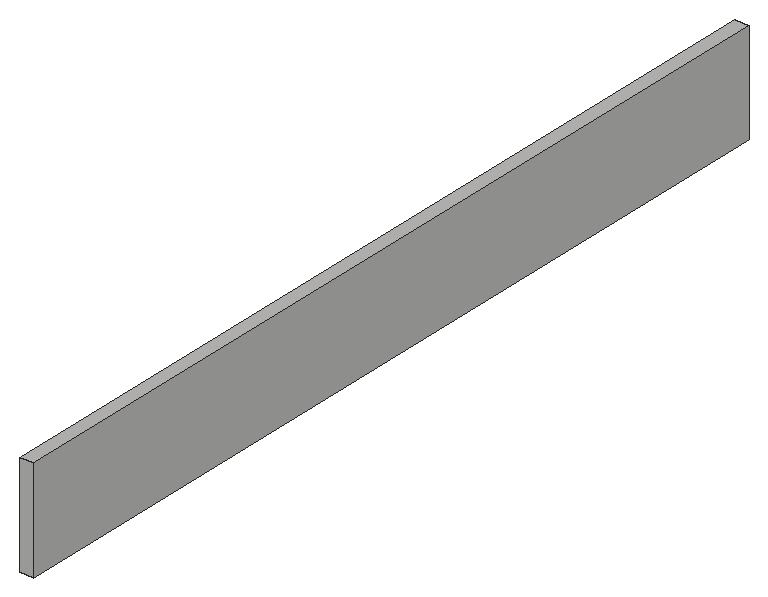
Revit family "R Wood Stud 1x6in", category Generic Models, Revit 2016
Family settings
  Part Type = Normal
  Can host rebar = No
  Round Connector Dimension = Use Diameter
  Work Plane-Based = No
  Always vertical = Yes
  Cut with Voids When Loaded = No
  Shared = No
  Room Calculation Point = No
Parameters (values of type ".625 in Wide Sheating R")
  Width = 0' - 0 3/4"
  Height = 0' - 5 1/2"
  5/8" Gyp = 5/8" GYP. BD
  4' Width = 4' - 0"
Types (2): name | Width | Height | 5/8" Gyp
  .625 in Wide Sheating R | 0' - 0 3/4" | 0' - 5 1/2" | 5/8" GYP. BD
  .625 in Wide Sheating R 2 | 0' - 0 5/8" | 3' - 0" | none
Reference planes (in)
  plane 1 "Center (Front/Back)": y = 0
  plane 2: z = 0
  plane 3 "Center (Left/Right)": x = 0
Forms (in)
  Sweep 1, solid, material "5/8" GYP. BD" <- "5/8" Gyp"
    path origin (0, 0, 0) x (1, 0, 0) y (0, 1, 0)
      loop
        line (0, -24) -> (0, 24)
    profile origin (0, 0, 0) x (-1, 0, 0) y (0, 0, 1)
      loop
        line (0, 0) -> (0.75, 0) -> (0.75, 5.5) -> (0, 5.5) -> (0, 0)
Dimensions and locks (in)
  "4' Width": Sweep 1 sketch curve to Sweep 1 sketch curve
  "Width": Sweep 1 sketch curve to Sweep 1 sketch curve
  "Height": Sweep 1 sketch curve to Sweep 1 sketch curve
  aligned and locked: plane 2 to level
Automatic sketch dimensions
  Sweep 1 sketch curve to plane 3 "Center (Left/Right)" = 0' - 0"
  plane 1 "Center (Front/Back)" to Sweep 1 sketch curve = 2' - 0"
  Sweep 1 sketch curve to profile plane = 0' - 0"
  Sweep 1 sketch curve to level = 0' - 0"
